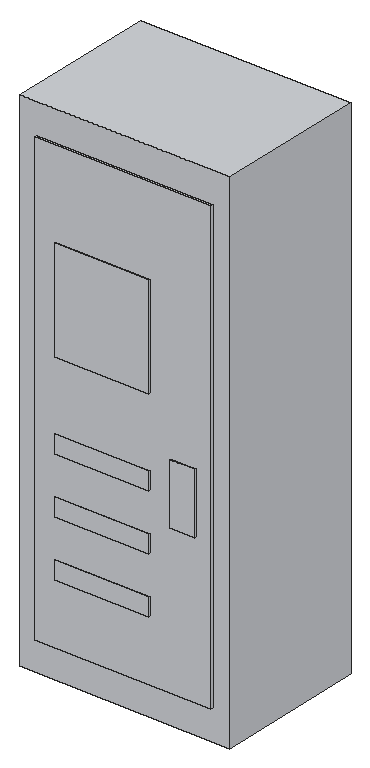
Revit family "GIS_AuxiliaryPanelDC", category Equipamento elétrico, Revit 2027
Family settings
  Configuração do painel = Duas colunas, circuitos transversais
  Cota do conector redondo = Utilizar diâmetro
  Tipo de parte = Painel de controle
  Com base no plano de trabalho = Não
  Sempre na vertical = Sim
  Corte com vazios quando carregada = Não
  Manter orientação da anotação = Não
  Compartilhado = Não
  Ponto de cálculo do ambiente = Não
Parameters (values of type "AUX_PANEL_125VDC_STUDY")
  Default Elevation = 0 mm
  built-in parameter 1140142 [instance] = (empty or 0)
  built-in parameter 1140140 [instance] = 1 (stored number, unit not read)
  BIM_TensaoSecundaria_kV = 0
  BIM_TensaoNominal_kV = 0.125
  BIM_TensaoClasse_kV = 0.125
  BIM_TensaoClasseSecundaria_kV = 0
  BIM_Sistema_Elemento [instance] = ""
  BIM_ReferenciaCatalogo = "Portfolio study assumption: 125 V DC; battery mission pending"
  BIM_Profundidade = 650 mm
  BIM_Potencia_MVA = 0
  BIM_Localizacao [instance] = ""
  BIM_Largura = 900 mm
  BIM_Impedancia_pu = 0
  BIM_FonteGeometria = "Portfolio study assumption: 125 V DC; battery mission pending"
  BIM_Fabricante = "NAO SELECIONADO"
  BIM_EstadoGeometria = "ESTIMATED"
  BIM_EstadoEspecificacao = "PREMISSA / NAO SELECIONADO"
  BIM_DescricaoEstudo = "Quadro de servicos auxiliares CC conceitual; 125 V e premissa nao aprovada."
  BIM_CorrenteReferenciaSecundaria_A = 0
  BIM_CorrenteNominal_A = 0
  BIM_Bay [instance] = ""
  BIM_AlturaCorpoPrincipal = 2200 mm
  BIM_Altura = 2200 mm
  built-in parameter 1155100 [instance] = (empty or 0)
Reference planes
  plane 1 "Centro (Frente/Trás)": y = 0
  plane 2: z = 0
  plane 3 "Centro (Esquerda/Direita)": x = 0
  plane 4 "BIM Left": x = -450
  plane 5 "BIM Right": x = 450
  plane 6 "BIM Front": y = -325
  plane 7 "BIM Back": y = 325
Forms (mm)
  Extrusion 1, solid
    sketch origin (0, 0, 0) x (1, 0, 0) y (0, 1, 0)
      loop
        line (-450, -325) -> (450, -325) -> (450, 325) -> (-450, 325) -> (-450, -325)
    from 0 to 2200 <- "BIM_AlturaCorpoPrincipal"
  Extrusion 2, solid
    sketch origin (0, 0, 132) x (1, 0, 0) y (0, 1, 0)
      loop
        line (-378, -337.192) -> (378, -337.192) -> (378, -325) -> (-378, -325) -> (-378, -337.192)
    from 0 to 1936
  Extrusion 3, solid
    sketch origin (0, 0, 1254) x (1, 0, 0) y (0, 1, 0)
      loop
        line (-288, -343.288) -> (117, -343.288) -> (117, -325) -> (-288, -325) -> (-288, -343.288)
    from 0 to 440
  Extrusion 4, solid
    sketch origin (0, 0, 396) x (1, 0, 0) y (0, 1, 0)
      loop
        line (-288, -341.764) -> (117, -341.764) -> (117, -325) -> (-288, -325) -> (-288, -341.764)
    from 0 to 77
  Extrusion 5, solid
    sketch origin (0, 0, 638) x (1, 0, 0) y (0, 1, 0)
      loop
        line (-288, -341.764) -> (117, -341.764) -> (117, -325) -> (-288, -325) -> (-288, -341.764)
    from 0 to 77
  Extrusion 6, solid
    sketch origin (0, 0, 880) x (1, 0, 0) y (0, 1, 0)
      loop
        line (-288, -341.764) -> (117, -341.764) -> (117, -325) -> (-288, -325) -> (-288, -341.764)
    from 0 to 77
  Extrusion 7, solid
    sketch origin (0, 0, 770) x (1, 0, 0) y (0, 1, 0)
      loop
        line (207, -341.764) -> (315, -341.764) -> (315, -325) -> (207, -325) -> (207, -341.764)
    from 0 to 264
Dimensions and locks
  "BIM_Largura": plane 4 "BIM Left" to plane 5 "BIM Right"
  "BIM_Profundidade": plane 6 "BIM Front" to plane 7 "BIM Back"
  aligned and locked: level to plane 2
  aligned and locked: plane 4 "BIM Left" to Extrusion 1
  aligned and locked: Extrusion 1 to plane 5 "BIM Right"
  aligned and locked: Extrusion 1 to plane 6 "BIM Front"
  aligned and locked: plane 7 "BIM Back" to Extrusion 1
Automatic sketch dimensions
  Extrusion 1 sketch curve to plane 4 "BIM Left" = 0 mm
  Extrusion 1 sketch curve to plane 5 "BIM Right" = 0 mm
  Extrusion 1 sketch curve to plane 6 "BIM Front" = 0 mm
  Extrusion 1 sketch curve to plane 7 "BIM Back" = 0 mm
  Extrusion 2 sketch curve to plane 6 "BIM Front" = 0 mm
  Extrusion 2 sketch curve to plane 6 "BIM Front" = 12.192 mm
  Extrusion 2 sketch curve to plane 4 "BIM Left" = 72 mm
  plane 5 "BIM Right" to Extrusion 2 sketch curve = 72 mm
  Extrusion 3 sketch curve to plane 6 "BIM Front" = 0 mm
  Extrusion 3 sketch curve to plane 6 "BIM Front" = 18.288 mm
  Extrusion 3 sketch curve to plane 4 "BIM Left" = 162 mm
  plane 3 "Centro (Esquerda/Direita)" to Extrusion 3 sketch curve = 117 mm
  Extrusion 4 sketch curve to plane 6 "BIM Front" = 0 mm
  Extrusion 4 sketch curve to plane 6 "BIM Front" = 16.764 mm
  Extrusion 4 sketch curve to plane 4 "BIM Left" = 162 mm
  plane 3 "Centro (Esquerda/Direita)" to Extrusion 4 sketch curve = 117 mm
  Extrusion 5 sketch curve to plane 6 "BIM Front" = 0 mm
  Extrusion 5 sketch curve to plane 6 "BIM Front" = 16.764 mm
  Extrusion 5 sketch curve to plane 4 "BIM Left" = 162 mm
  plane 3 "Centro (Esquerda/Direita)" to Extrusion 5 sketch curve = 117 mm
  Extrusion 6 sketch curve to plane 6 "BIM Front" = 0 mm
  Extrusion 6 sketch curve to plane 6 "BIM Front" = 16.764 mm
  Extrusion 6 sketch curve to plane 4 "BIM Left" = 162 mm
  plane 3 "Centro (Esquerda/Direita)" to Extrusion 6 sketch curve = 117 mm
  Extrusion 7 sketch curve to plane 6 "BIM Front" = 0 mm
  Extrusion 7 sketch curve to plane 6 "BIM Front" = 16.764 mm
  plane 3 "Centro (Esquerda/Direita)" to Extrusion 7 sketch curve = 207 mm
  Extrusion 7 sketch curve to Extrusion 7 sketch curve = 108 mm
